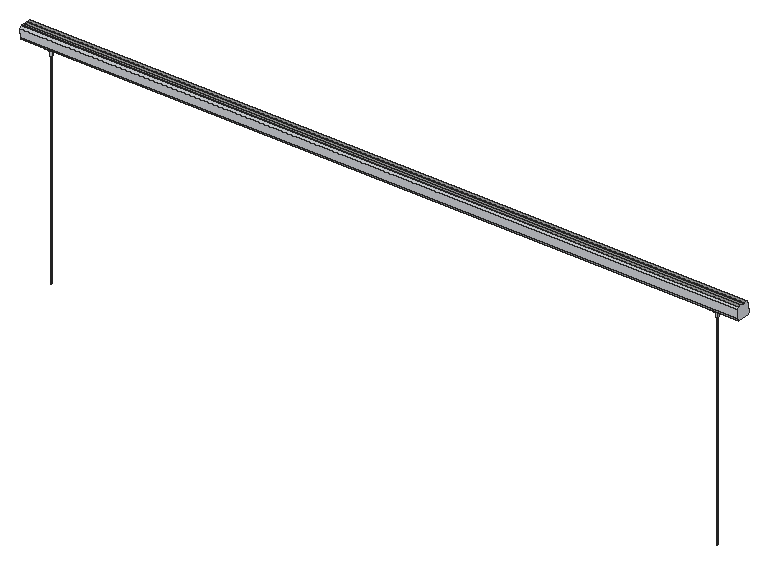
Revit family "0042542 Sylvania Lighting Fixture ISOLINE  3380MM 4K ASYR DA 8C", category Lighting Fixtures, host Face, Revit 2018
Family settings
  Host = Face
  Round Connector Dimension = Use Diameter
  Part Type = Normal
  OmniClass Number = 23.80.70.00
  OmniClass Title = Lighting
  Cut with Voids When Loaded = No
  Light Source = Yes
  Shared = No
  Room Calculation Point = No
Parameters (values of type "0042542 ISOLINE  3380MM 4K ASYR DA 8C")
  suspension height = 1000 mm
  spacer height = 5 mm
  spacer centres = 1000 mm
  height = 58.791 mm
  Width = 62 mm
  Weight = "n/a"
  Wattage Comments = ""
  Wattage = 9.2903 W
  WarrantyStartDate [instance] = "n/a"
  WarrantyGuarantorParts = "n/a"
  WarrantyDurationUnit = "n/a"
  WarrantyDurationParts = ""
  WarrantyDescription = "http://www.sylvania-lighting.com"
  built-in parameter 1150110 = 1 (stored number, unit not read)
  Voltage = 0 V
  URL = "0"
  TypeName = "ISOLINE  3380MM 4K ASYR DA 8C"
  Type Image = <None>
  Type Comments = "n/a"
  built-in parameter 1114217 = 1 (stored number, unit not read)
  Tilt Angle = 90.00°
  built-in parameter 1150109 = 1 (stored number, unit not read)
  built-in parameter 1150134 = 3
  built-in parameter 1150113 = 1 (stored number, unit not read)
  SerialNumber [instance] = "n/a"
  Photometric Web File = "0042542.ies"
  Material_3_FEILO = none
  PowerFactor = 0
  PowerConsumption = "Lighting"
  NominalLength = 62 mm
  NominalHeight = 0 mm
  NominalDepth = 0 mm
  Name = "ISOLINE  3380MM 4K ASYR DA 8C"
  ModelReference = Name  # "ISOLINE  3380MM 4K ASYR DA 8C"
  ModelNumber = "0042542"
  Model = Name  # "ISOLINE  3380MM 4K ASYR DA 8C"
  Material = "Feilo Sylvania"
  ManufacturerName = "143 lm/W"
  Manufacturer = ""
  LuminousEfficacy = ""
  built-in parameter 1150105 = 109.82 (stored number, unit not read)
  Lumens = 1380 lm
  LuminaireType = "0"
  built-in parameter 1150115 = 1 (stored number, unit not read)
  LightOutputRatio = "LED"
  built-in parameter 1150137 = (empty or 0)
  built-in parameter 1150139 = (empty or 0)
  Length = 3380 mm
  LampsType = Lamp  # "n/a"
  LampNominalLuminous = "4000 K"
  LampMacAdamStep = "80"
  LampColourTemperature = "LED"
  LampColourRenderingIndex = "16500"
  built-in parameter 1150112 = 1 (stored number, unit not read)
  built-in parameter 1150114 = 1 (stored number, unit not read)
  Lamp = "n/a"
  Keynote = "n/a"
  InstallationDate [instance] = "n/a"
  InputVoltage = "0"
  InputNominalFrequency = "4000"
  built-in parameter 1150132 = (empty or 0)
  built-in parameter 1150102 = (empty or 0)
  built-in parameter 1150107 = 3200 (stored number, unit not read)
  built-in parameter 1150138 = (empty or 0)
  IngressProtection = "IfcLightFixtureType"
  ImpactProtectionIndex = "IfcLightFixtureType"
  built-in parameter 1150106 = 1.0982 (stored number, unit not read)
  IfcExportType = "IfcLightFixtureType"
  IfcExportAs = "Class I"
  Height = 1000 mm
  ExpectedLife = 50000
  Emit from Circle Diameter = 609.6 mm
  Emit Shape Visible in Rendering = no
  ElectricShockClassification = "143"
  built-in parameter 1150104 = 13.8 (stored number, unit not read)
  DurationUnit = "hours"
  DocumentationLiterature = "http://www.sylvania-lighting.com/product/en-int/products/0042542"
  DimmingControlOptions = "n/a"
  Material_2_FEILO = none
  Dimming Lamp Color Temperature Shift = <None>
  Description = "Isoline LED linear DALI dimmable luminaire for industrial and commercial applications. 3380 mm lenght with asymmetrical (Right) optics provide homogenous light distribution for wide, shelf areas. Suitable for DALI Dimming. Aluminium housing, RAL 9016. Max + 35 °C operating temperature range, 4000 K, CRI 80, 3 SDMC. 112 W power consumption, 16000 lm luminous flux, 143 lm/W efficacy, 3380 mm x62 mm x 59 mm (L x W x H) dimensions, IP20, IK03, DC 50/60 Hz, Class I. Lifespan L70:B50 60,000 hours."
  Default Elevation = 1219.2 mm
  CreatedOn = "04/03/2021"
  CreatedBy = "@sylvania-lighting.com"
  Cost = 0
  Color Filter = 16777215
  built-in parameter 1114216 [instance] = (empty or 0)
  ClassificationValue = "EF_70_80"
  ClassificationName = "Uniclass2015"
  Material_1_FEILO = none
  BarCode [instance] = "n/a"
  built-in parameter 1114218 = 1 (stored number, unit not read)
  built-in parameter 1150133 = 10 (stored number, unit not read)
  AssetType = "Fixed"
  AssetIdentifier [instance] = "n/a"
  Assembly Code = "D5020200"
  Apparent Load = 112 VA
  Material_4_FEILO = none
Reference planes
  plane 1 "Center (Front/Back)": y = 0
  plane 2: z = 0
  plane 3 "Center (Left/Right)": x = 0
  plane 4: z = 0
  plane 5: z = 1000
  plane 6: y = 31
  plane 7: y = -31
  plane 8: x = -1690
  plane 9: x = 1690
  plane 10: x = -37.307
  plane 11: x = 55
  plane 12: z = 1058.791
  plane 13: z = 51
  plane 14: y = -27
  plane 15: y = 27
  plane 16: z = 12
  plane 17: y = -24.969
  plane 18: y = 25
  plane 19: y = 12
  plane 20: y = -12
  plane 21: z = 1.634
  plane 22: y = -8
  plane 23: y = 8
  plane 24: x = -1580
  plane 25: x = -1555
  plane 26: x = 1580
  plane 27: x = 1555
  plane 28: z = 995
  plane 29: y = 26.98
  plane 30: y = 16.98
  plane 31: y = -27.027
  plane 32: y = -17.004
  plane 33: z = 996.5
  plane 34: y = 26.002
  plane 35: y = -26.027
  plane 36: through (-1580, 7.965, 1219.2) normal (0.5391, 0.8423, 0)
  plane 37: through (-1555, 7.965, 1219.2) normal (0.5391, -0.8423, 0)
  plane 38: through (1555, 7.965, 1219.2) normal (0.5391, 0.8423, 0)
  plane 39: through (1580, 8, 1219.2) normal (0.5399, -0.8417, 0)
  plane 40: z = 1058.003
  plane 41: z = 1056.819
Forms (mm)
  Extrusion 1, solid, detail levels medium+fine
    sketch origin (-1690, -1523.717, -160.594) x (0, -1, -0.000261) y (0, 0.000261, -1)
      loop
        line (-1493, -1168.2) -> (-1497, -1160.2) -> (-1551, -1160.2) -> (-1555, -1168.2) -> (-1555, -1207.2) -> (-1549.109, -1218.982) -> (-1535.466, -1218.982) -> (-1532, -1217.566) -> (-1516, -1217.566) -> (-1512.511, -1218.991) -> (-1498.896, -1218.991) -> (-1493, -1207.2) -> (-1493, -1168.2)
    from 0 to 3380
  Extrusion 2, solid
    sketch origin (1555, 1524, 1219.189) x (0, 1, 0) y (0, 0, 1)
      loop
        line (-1497.021, -219.189) -> (-1498.02, -219.189) -> (-1507.02, -223.699) -> (-1541.004, -223.699) -> (-1550.017, -219.203) -> (-1551.02, -219.203) -> (-1541.004, -224.2) -> (-1507.02, -224.2) -> (-1497.021, -219.189)
    from 0 to 25
  Extrusion 3, solid
    sketch origin (-1580, 1524, 1219.189) x (0, 1, 0) y (0, 0, 1)
      loop
        line (-1497.021, -219.189) -> (-1498.02, -219.189) -> (-1507.02, -223.699) -> (-1541.004, -223.699) -> (-1550.017, -219.203) -> (-1551.02, -219.203) -> (-1541.004, -224.2) -> (-1507.02, -224.2) -> (-1497.021, -219.189)
    from 0 to 25
  Extrusion 4, solid
    sketch origin (4.2, 0, 0) x (1, 0, 0) y (0, 1, 0)
      loop
        circle (-1571.7, -0.035) r 5
    from 962.277 to 995
  Extrusion 5, solid
    sketch origin (3139.062, 0.065, 0) x (1, 0, 0) y (0, 1, 0)
      loop
        circle (-1571.7, -0.035) r 5
    from 962.277 to 995
  Extrusion 6, solid
    sketch origin (4.2, 0, 0) x (1, 0, 0) y (0, 1, 0)
      loop
        circle (-1571.7, -0.035) r 1.5
    from 0 to 962.277
  Extrusion 7, solid
    sketch origin (3139.076, 0.033, 0) x (1, 0, 0) y (0, 1, 0)
      loop
        circle (-1571.7, -0.035) r 1.5
    from 0 to 977.512
  Extrusion 8, solid, material "Glass, White, High Luminance", detail levels fine
    sketch origin (319, 1524, 1219.2) x (0, 1, 0) y (0, 0, 1)
      loop
        line (-1498.926, -160.099) -> (-1512.703, -160.099) -> (-1516.213, -161.534) -> (-1531.9, -161.534) -> (-1535.47, -160.114) -> (-1549.12, -160.114) -> (-1549.12, -161.197) -> (-1535.782, -161.197) -> (-1532.805, -162.381) -> (-1515.468, -162.381) -> (-1512.929, -161.197) -> (-1498.926, -161.197) -> (-1498.926, -160.099)
    from -2009 to 1371
  Extrusion 9, solid, detail levels coarse
    sketch origin (319, 1524, 1219.2) x (0, 1, 0) y (0, 0, 1)
      loop
        line (-1493, -160.052) -> (-1555, -160.052) -> (-1555, -1219.2) -> (-1493, -1219.2) -> (-1493, -160.052)
    from -2009 to 1371
Dimensions and locks
  "Width": plane 6 to plane 7
  equal spacing: plane 6, plane 1 "Center (Front/Back)", plane 7
  "Length": plane 8 to plane 9
  equal spacing: plane 8, plane 3 "Center (Left/Right)", plane 9
  "height": plane 12 to plane 5
  "suspension height": plane 5 to level
  aligned and locked: host face to plane 2
  aligned and locked: host face to level
Automatic sketch dimensions
  host sketch curve to host sketch curve = 3582.803 mm
  host sketch curve to host sketch curve = 2438.4 mm
  Extrusion 1 sketch curve to plane 29 = 0 mm
  Extrusion 1 sketch curve to plane 6 = 0.033 mm
  Extrusion 1 sketch curve to plane 12 = 11.778 mm
  Extrusion 1 sketch curve to Extrusion 1 sketch curve = 4 mm  (x2)
  Extrusion 1 sketch curve to Extrusion 1 sketch curve = 5.891 mm
  Extrusion 1 sketch curve to Extrusion 1 sketch curve = 13.643 mm
  Extrusion 1 sketch curve to Extrusion 1 sketch curve = 3.466 mm
  Extrusion 1 sketch curve to Extrusion 1 sketch curve = 16 mm
  Extrusion 1 sketch curve to Extrusion 1 sketch curve = 3.489 mm
  Extrusion 1 sketch curve to Extrusion 1 sketch curve = 13.615 mm
  Extrusion 1 sketch curve to Extrusion 1 sketch curve = 54 mm
  Extrusion 1 sketch curve to Extrusion 1 sketch curve = 47 mm
  Extrusion 1 sketch curve to Extrusion 1 sketch curve = 10.366 mm
  Extrusion 1 sketch curve to Extrusion 1 sketch curve = 1.425 mm
  Extrusion 1 sketch curve to Extrusion 1 sketch curve = 11.782 mm
  Extrusion 1 sketch curve to Extrusion 1 sketch curve = 8 mm  (x2)
  Extrusion 2 sketch curve to plane 32 = 0 mm  (x2)
  Extrusion 2 sketch curve to plane 30 = 0 mm  (x2)
  Extrusion 2 sketch curve to plane 5 = 0 mm
  Extrusion 2 sketch curve to plane 35 = 0.01 mm
  Extrusion 2 sketch curve to plane 31 = 0.007 mm
  plane 34 to Extrusion 2 sketch curve = 0.022 mm
  plane 29 to Extrusion 2 sketch curve = 0.001 mm
  Extrusion 2 sketch curve to plane 5 = 0.014 mm
  plane 28 to Extrusion 2 sketch curve = 0.489 mm
  Extrusion 2 sketch curve to plane 28 = 0.011 mm
  Extrusion 3 sketch curve to plane 32 = 0 mm  (x2)
  Extrusion 3 sketch curve to plane 30 = 0 mm  (x2)
  Extrusion 3 sketch curve to plane 5 = 0 mm
  Extrusion 3 sketch curve to plane 35 = 0.01 mm
  Extrusion 3 sketch curve to plane 31 = 0.007 mm
  plane 34 to Extrusion 3 sketch curve = 0.022 mm
  plane 29 to Extrusion 3 sketch curve = 0.001 mm
  Extrusion 3 sketch curve to plane 5 = 0.014 mm
  plane 28 to Extrusion 3 sketch curve = 0.489 mm
  Extrusion 3 sketch curve to plane 28 = 0.011 mm
  Extrusion 4 sketch curve to plane 36 = 0 mm
  plane 37 to Extrusion 4 sketch curve = 0 mm
  Extrusion 5 sketch curve to plane 1 "Center (Front/Back)" = 0.029 mm
  plane 27 to Extrusion 5 sketch curve = 12.362 mm
  Extrusion 6 sketch curve to plane 36 = 0 mm
  plane 37 to Extrusion 6 sketch curve = 0 mm
  plane 1 "Center (Front/Back)" to Extrusion 7 sketch curve = 0.002 mm
  plane 27 to Extrusion 7 sketch curve = 12.376 mm
  Extrusion 8 sketch curve to plane 40 = 0 mm  (x2)
  Extrusion 8 sketch curve to plane 41 = 0 mm
  plane 17 to Extrusion 8 sketch curve = 0.151 mm
  Extrusion 8 sketch curve to plane 20 = 0.218 mm
  plane 12 to Extrusion 8 sketch curve = 0.295 mm
  Extrusion 8 sketch curve to plane 20 = 0.53 mm
  plane 22 to Extrusion 8 sketch curve = 0.805 mm
  Extrusion 8 sketch curve to plane 22 = 0.1 mm
  plane 23 to Extrusion 8 sketch curve = 0.213 mm
  Extrusion 8 sketch curve to plane 23 = 0.532 mm
  plane 19 to Extrusion 8 sketch curve = 0.929 mm
  Extrusion 8 sketch curve to plane 18 = 0.074 mm
  plane 41 to Extrusion 8 sketch curve = 0.848 mm
  plane 19 to Extrusion 8 sketch curve = 0.703 mm
  plane 12 to Extrusion 8 sketch curve = 0.31 mm
  Extrusion 9 sketch curve to plane 7 = 0 mm
  Extrusion 9 sketch curve to plane 6 = 0 mm
  Extrusion 9 sketch curve to plane 33 = 996.5 mm
  plane 12 to Extrusion 9 sketch curve = 0.357 mm
  radius of Extrusion 4 sketch curve = 5 mm
  radius of Extrusion 5 sketch curve = 5 mm
  radius of Extrusion 6 sketch curve = 1.5 mm
  radius of Extrusion 7 sketch curve = 1.5 mm
Connectors
  electrical at (0, -0.02, 1000.004)
    settings: on Extrusion 1, index 1, voltage 0 V, apparent load 0 VA, apparent load phase1 0 VA, apparent load phase2 0 VA, apparent load phase3 0 VA, power factor 1, load classification "Other", number of poles 1, system type 31, power factor state 1, is connector primary yes, connector utility no, sub classification motor no, connector description ""
